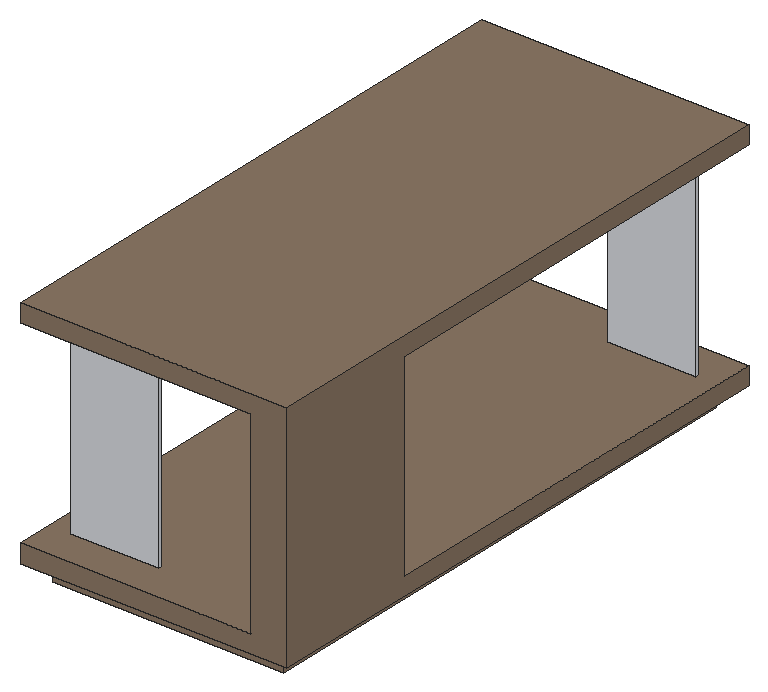
Revit family
Parameters
  URL = "http://www.martinbrattrud.com"
  SCS Certified Product = "Yes"
  Model = "Links 292-22"
  Manufacturer = "Martin Brattrud, Inc."
  Leg [instance] = none
  Keynote = "125000"
  Foot [instance] = none
  Copyright = "© 2013 Martin Brattrud, Inc."
  Chair [instance] = none
  Authoring Version = "Revit Architecture 2010"
  Assembly Code = "E2020200"
Reference planes (in)
  plane 1 "Center Front/Back": y = 0
  plane 2: z = 0
  plane 3 "Center Left/Right": x = 0
  plane 4: z = 21
  plane 5: z = 19.5
  plane 6: z = 0
  plane 7: z = 1.75
  plane 8: z = 3.25
  plane 9: y = 0
Forms (in)
  Extrusion 1, solid
    sketch origin (-21.86807, -6.75002, 0.25) x (1, 0, 0) y (0, 1, 0)
      loop
        line (12.36807, 29.00002) -> (12.36807, -15.49998) -> (31.36807, -15.49998) -> (31.36807, 29.00002) -> (12.36807, 29.00002)
    from 0 to 1.5
  Revolve 2, solid, material <- "Leg"
    sketch origin (-8.62, -21.12, 0) x (0, -1, 0) y (0, 0, -1)
      loop
        line (0, -0.25) -> (0.25, -0.25) -> (0.25, -0.125)
        arc (0.25, -0.125) -> (0.21339, -0.03661) -> (0.125, 0) r 0.125
        line (0.125, 0) -> (0, 0) -> (0, -0.25)
      axis (0, -0.25) -> (0, 0)
    angle from 0 to 360
  Revolve 3, solid, material <- "Leg"
    sketch origin (8.62, -21.12, 0) x (0, -1, 0) y (0, 0, 1)
      loop
        line (0, 0.25) -> (0, 0) -> (0.125, 0)
        arc (0.125, 0) -> (0.21339, 0.03661) -> (0.25, 0.125) r 0.125
        line (0.25, 0.125) -> (0.25, 0.25) -> (0, 0.25)
      axis (0, 0.25) -> (0, 0)
    angle from 0 to 360
  Extrusion 4, solid
    sketch origin (0, 0, 0) x (-1, 0, 0) y (0, 0, -1)
      loop
        line (-11, -1.75) -> (-11, -21) -> (11, -21) -> (11, -1.75) -> (-11, -1.75)
    from -23.75 to 23.75
  Extrusion 5, void
    sketch origin (0, 0, 0) x (-1, 0, 0) y (0, 0, -1)
      loop
        line (8.01142, -19.5) -> (8.01142, -3.25) -> (-8.01142, -3.25) -> (-8.01142, -19.5) -> (8.01142, -19.5)
    from -23.75 to 23.75
  Revolve 6, solid, material <- "Leg"
    sketch origin (-8.62, 21.12, 0) x (0, 1, 0) y (0, 0, 1)
      loop
        line (0, 0.25) -> (0, 0) -> (0.125, 0)
        arc (0.125, 0) -> (0.21339, 0.03661) -> (0.25, 0.125) r 0.125
        line (0.25, 0.125) -> (0.25, 0.25) -> (0, 0.25)
      axis (0, 0.25) -> (0, 0)
    angle from 0 to 360
  Revolve 7, solid, material <- "Leg"
    sketch origin (8.62, 21.12, 0) x (0, 1, 0) y (0, 0, -1)
      loop
        line (0, -0.25) -> (0.25, -0.25) -> (0.25, -0.125)
        arc (0.25, -0.125) -> (0.21339, -0.03661) -> (0.125, 0) r 0.125
        line (0.125, 0) -> (0, 0) -> (0, -0.25)
      axis (0, -0.25) -> (0, 0)
    angle from 0 to 360
  Extrusion 8, void
    sketch origin (-19.01142, -12, 0) x (-1, 0, 0) y (0, 0, -1)
      loop
        line (-8.01142, -19.5) -> (-8.01142, -3.25) -> (-11, -3.25) -> (-11, -19.5) -> (-8.01142, -19.5)
    from -23.75 to 11.75
  Extrusion 9, void
    sketch origin (1.48858, 0, 0) x (-1, 0, 0) y (0, 0, -1)
      loop
        line (-6.52283, -19.5) -> (-6.52283, -3.25) -> (-9.51142, -3.25) -> (-9.51142, -19.5) -> (-6.52283, -19.5)
    from -23.75 to 11.75
  Extrusion 10, solid
    sketch origin (-0.25, 13.5, 0) x (0, -1, 0) y (0, 0, -1)
      loop
        line (-7, -19.5) -> (-7, -3.25) -> (-7.25, -3.25) -> (-7.25, -19.5) -> (-7, -19.5)
    from 2.25 to 9.5
  Extrusion 11, solid
    sketch origin (-9.25, -27.75, 0) x (0, -1, 0) y (0, 0, -1)
      loop
        line (-7, -19.5) -> (-7, -3.25) -> (-7.25, -3.25) -> (-7.25, -19.5) -> (-7, -19.5)
    from 0 to 7.23858
Cuts and joins
  Extrusion 5, Extrusion 8, Extrusion 9 cuts Extrusion 4
